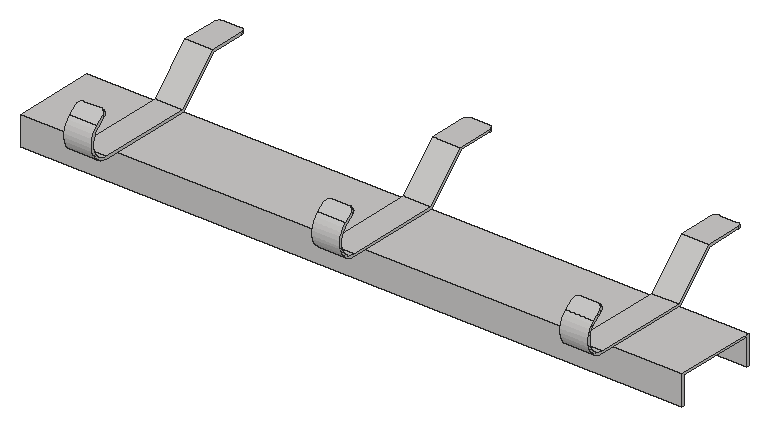
Revit family "Hat_Coat_Rack-Bradley_Corp-Stainless-994x", category Specialty Equipment, host Face, Revit 2012
Parameters (values of type "9943 BradEX")
  Width = 0"
  Waste Water Connection Diameter = 0"
  Warranty Information = "n/a"
  Version = "2.0"
  URL = "http://www.bradleycorp.com/"
  Technical Data = "n/a"
  Specifications URL = "http://www.bradleycorp.com/3partspec"
  Product Tech Data URL - Spanish = "http://bradleycorp.com/download/526/9150es.pdf"
  Product Tech Data URL - French = "http://bradleycorp.com/download/527/9150fr.pdf"
  Product Tech Data URL - English = "http://bradleycorp.com/download/525/9150.pdf"
  Percentage of Recycled Content = 0
  OmniClass Title = "Clothing Racks"
  OmniClass Code = "23-21 15 17"
  Modeling Code = "n/a"
  Model = "9943 BradEX"
  Material Note = "n/a"
  MasterFormat Title = "Hat and Coat Racks"
  MasterFormat Number = "10 57 13"
  Manufacturer = "Bradley Corporation"
  Low Emitting Material = no
  Length = 0"
  LEED Credit = ""
  Installation Type = "Wall Mounted"
  Industry Standards = "n/a"
  Hot Water Connection Diameter = 0"
  Hook Spacing [instance] = if(DIM A = 60", 6, if(DIM A = 48", 5, if(DIM A = 36", 4, if(DIM A = 24", 3, 2))))  # 3
  Height = 0"
  Fire Rating = "n/a"
  Description = "Hat & Coat Rack w/3 Hooks 24\" W"
  Depth = 0"
  Default Elevation = 48"
  DIM C = 3"
  DIM B = 9"
  DIM A = 24"
  Copyright = "This Model is Property of Bradley Corporation"
  Complies to NAFTA = "n/a"
  Cold Water Connection Diameter = 0"
  Buy American Act = "To Be Determined"
  Assembly Code = "C1030200"
  Accessory Material = Metal - Bradley Corp - Stainless Steel-Satin
  ADA Compliant = "No"
Types (5): name | Model | Hook Spacing | Description | DIM C | DIM B | DIM A
  (no name) | "9943 BradEX" | 3 | "Hat & Coat Rack w/3 Hooks 24\" W" | 3" | 9" | 24"
  9946 | "9946" | 6 | "Hat & Coat Rack w/6 Hooks 60\" W" | 3 1/4" | 10 3/4" | 60"
  9945 | "9945" | 5 | "Hat & Coat Rack w/5 Hooks 48\" W" | 2" | 11" | 48"
  9943 BradEX | "9943 BradEX" | 3 | "Hat & Coat Rack w/3 Hooks 24\" W" | 3" | 9" | 24"
  9944 | "9944" | 4 | "Hat & Coat Rack w/4 Hooks 36\" W" | 3" | 10" | 36"
Reference planes (in)
  plane 1 "Center (Front/Back)": y = 0
  plane 2: z = 0
  plane 3 "Center (Left/Right)": x = 0
  plane 4: y = -1.5
  plane 5: y = 1.5
  plane 6 "Left End": x = -12
  plane 7 "Right End": x = 12
  plane 8: x = -9
  plane 9: x = 9
  plane 10: x = 0
  plane 11: z = 2.625
  plane 12 "F.O. Plate": z = 1.05078
Forms (in)
  Extrusion 1, solid, material "Metal - Bradley Corp - Stainless Steel-Satin"
    sketch origin (12, 0, 0) x (0, 1, 0) y (0, 0, 1)
      loop
        line (-1.5, 0) -> (-1.42578, 0) -> (-1.42578, 0.97656) -> (1.42578, 0.97656) -> (1.42578, 0) -> (1.5, 0) -> (1.5, 1.05078) -> (-1.5, 1.05078) -> (-1.5, 0)
    from -24 to 0
Dimensions and locks (in)
  "DIM A": plane 6 "Left End" to plane 7 "Right End"
  equal spacing: plane 6 "Left End", plane 3 "Center (Left/Right)", plane 7 "Right End"
  "DIM C": plane 6 "Left End" to plane 8
  "DIM B": plane 8 to plane 10
  "DIM C": plane 9 to plane 7 "Right End"
  plane 2 to plane 11 = 2 5/8"
  equal spacing: group 1, group 3, group 2  (x3)
  aligned and locked: plane 2 to host face
  aligned and locked: level to host face
  aligned and locked: plane 8 to nested 1
  aligned and locked: Extrusion 1 sketch curve to plane 4
  aligned and locked: plane 5 to Extrusion 1 sketch curve
  aligned and locked: Extrusion 1 to plane 6 "Left End"
  aligned and locked: plane 7 "Right End" to Extrusion 1
  aligned and locked: plane 9 to nested 2
  aligned and locked: plane 4 to Extrusion 1
  aligned and locked: Extrusion 1 to plane 5
Automatic sketch dimensions
  host sketch curve to host sketch curve = 96"  (x2)
  Extrusion 1 sketch curve to level = 0"  (x2)
  Extrusion 1 sketch curve to Extrusion 1 sketch curve = 19/256"  (x3)
  level to Extrusion 1 sketch curve = 125/128"
Nested families (in)
  nested 1: "Coat_Hook" at (-9, 1.5, 1.125), type "Coat_Hook"
  nested 2: "Coat_Hook" at (9, 1.5, 1.125), type "Coat_Hook"
  nested 3: "Coat_Hook" at (0, 1.5, 1.125), type "Coat_Hook"
Definition of nested family "Coat_Hook"
  Parameters
    Accessory Material = none
  Reference planes (in)
    plane 1 "Center (Front/Back)": y = 0
    plane 2: z = 0
    plane 3 "Center (Left/Right)": x = 0
    plane 4: y = 2.84375
    plane 5: z = 1.34375
    plane 6: y = 1.34375
    plane 7: y = -4.15625
    plane 8: y = -3.46875
    plane 9: z = 1.5
    plane 10: z = 0.625
    plane 11: y = -3.45625
    plane 12: x = -0.5
    plane 13: x = 0.5
    plane 14 "Face of Hook": through (0, -3.83, 1.21997) normal (0, -0.6126, 0.7904)
  Forms (in)
    Extrusion 1, solid, material "Metal - Bradley Corp - Stainless Steel", detail levels medium+fine
      sketch origin (0, 0, 0) x (0, 1, 0) y (0, 0, 1)
        loop
          line (0, 0) -> (-3.45625, 0)
          arc (-3.45625, 0) -> (-4.04759, 0.42265) -> (-3.83916, 1.11897) r 0.625
          line (-3.83916, 1.11897) -> (-3.42328, 1.44134) -> (-3.46875, 1.5) -> (-3.88463, 1.17763)
          arc (-3.88463, 1.17763) -> (-4.11781, 0.39862) -> (-3.45625, -0.07422) r 0.69922
          line (-3.45625, -0.07422) -> (0.03074, -0.07422) -> (1.37449, 1.26953) -> (2.84375, 1.26953) -> (2.84375, 1.34375) -> (1.34375, 1.34375) -> (0, 0)
      from -0.5 to 0.5
    Extrusion 2, void
      sketch origin (0, 0, 0) x (1, 0, 0) y (0, 1, 0)
        loop
          line (-0.3125, 2.84375) -> (-0.5, 2.84375) -> (-0.5, 2.65625)
          arc (-0.5, 2.65625) -> (-0.44508, 2.78883) -> (-0.3125, 2.84375) r 0.1875
      from 1.26953 to 1.34375
    Extrusion 3, void
      sketch origin (0, 0, 0) x (-1, 0, 0) y (0, -1, 0)
        loop
          arc (-0.3125, -2.84375) -> (-0.44508, -2.78883) -> (-0.5, -2.65625) r 0.1875
          line (-0.5, -2.65625) -> (-0.5, -2.84375) -> (-0.3125, -2.84375)
      from 1.26953 to 1.34375
    Extrusion 4, void
      sketch origin (0, -2.02827, 2.6166) x (0, -0.790355, -0.612649) y (1, 0, 0)
        loop
          line (1.82257, -0.3125) -> (1.82257, -0.5) -> (2.01007, -0.5)
          arc (2.01007, -0.5) -> (1.87749, -0.44508) -> (1.82257, -0.3125) r 0.1875
      from -1 to 1
    Extrusion 5, void
      sketch origin (0, -2.02827, 2.6166) x (0, -0.790355, -0.612649) y (1, 0, 0)
        loop
          arc (1.82257, 0.3125) -> (1.87749, 0.44508) -> (2.01007, 0.5) r 0.1875
          line (2.01007, 0.5) -> (1.82257, 0.5) -> (1.82257, 0.3125)
      from -1 to 1
  Cuts and joins
    Extrusion 2, Extrusion 3, Extrusion 4, Extrusion 5 cuts Extrusion 1
  Lines and regions (in)
    model lines, detail levels coarse
      curve 1: line (0, 0, 0) -> (0, -3.45625, 0)
      curve 2: arc (0, -3.45625, 0) -> (0, -4.04759, 0.42265) -> (0, -3.83916, 1.11897) r 0.625
      curve 3: line (0, -3.83916, 1.11897) -> (0, -3.42328, 1.44134)
      curve 4: line (0, 1.34375, 1.34375) -> (0, 0, 0)
      curve 5: line (0, 2.84375, 1.34375) -> (0, 1.34375, 1.34375)
  Dimensions and locks (in)
    plane 6 to plane 4 = 1 1/2"
    plane 1 "Center (Front/Back)" to plane 4 = 2 27/32"
    plane 5 to plane 2 = 1 11/32"
    plane 7 to plane 4 = 7"
    radius of Extrusion 1 sketch curve = 5/8"
    aligned and locked: Extrusion 1 to plane 12
    aligned and locked: plane 13 to Extrusion 1
    aligned and locked: Extrusion 1 to plane 4
